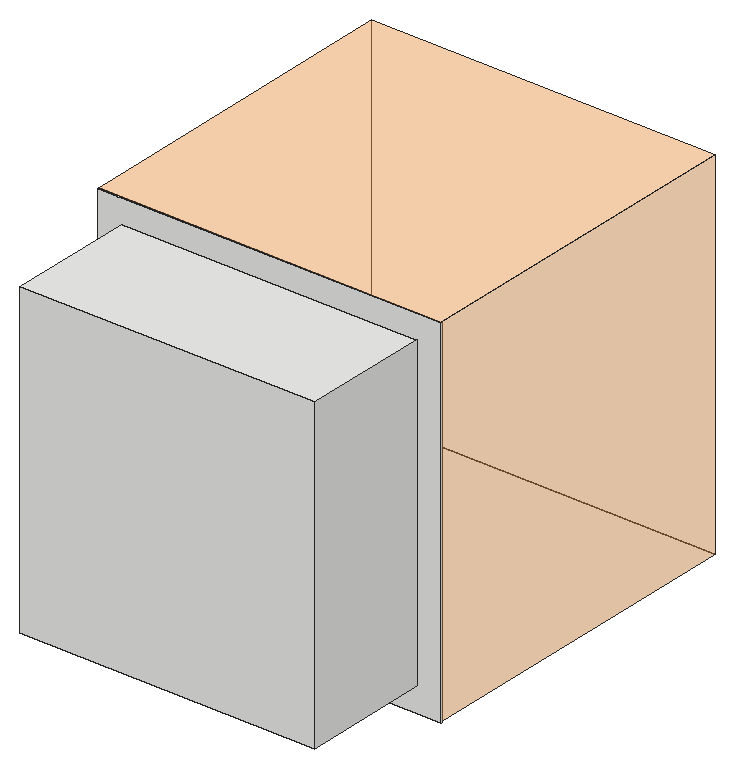
Revit family "IEK_R19_L2(2)_Шкаф_ЩРв_IP31_TITAN5_Встроенный", category Электрооборудование, Revit 2019
Family settings
  Размер круглого соединителя = Использовать диаметр
  Тип детали = Силовой щит
  На основе рабочей плоскости = Нет
  Всегда вертикально = Да
  При загрузке вырезать с полостями = Нет
  Общий = Нет
  Точка расчета площади = Да
Parameters
  УГО_Реальный размер [instance] = no
  УГО_Переключить цвет [instance] = no
  УГО_Масштаб [instance] = 1
  УГО_Смещение по оси Y [instance] = 1000 mm
  УГО_Смещение по оси X [instance] = 1000 mm
  УГО [instance] = ▲GA_УГО_ЩР : ▲GA_УГО_ЩР
  Серия = ""
  built-in parameter 1140086 [instance] = "-"  # constant formula
  built-in parameter 1140087 [instance] = 2
  built-in parameter 1140079 [instance] = 12
  Лоток_Ширина снизу [instance] = 50 mm
  Лоток_Высота снизу [instance] = 50 mm
  Лоток_Высота сверху [instance] = 50 mm
  Лоток_Ширина сверху [instance] = 100 mm
  Лоток_Смещение влево [instance] = 155 mm
  лоток_Отступ от стены до нижней грани [instance] = Лоток_Отступ от стены + Лоток_Высота сверху / 2  # 35 mm
  Лоток_Отступ от стены [instance] = 10 mm
  Инженерная_сеть = no
  Panel Name [instance] = "1Щ?1"
  Зона обслуживания [instance] = yes
  Группировать в спецификации = 1 = 0  # no
  mS_Номер питающей цепи [instance] = ""
  mS_Номер отходящей цепи [instance] = ""
  mS_Координация оборудования = 0  # constant formula
  mS_Категория оборудования [instance] = if(УГО_Переключить цвет, 0, 2)  # 2
  mS_Guid = "821c7fcf-6e20-4866-bf76-5fe537ee1ddb"  # constant formula
  mS_GA_Оборудование 4 тип [instance] = not(УГО_Переключить цвет)  # yes
  mS_GA_Оборудование 3 тип [instance] = 1 = 0  # no
  mS_GA_Оборудование 2 тип [instance] = УГО_Переключить цвет  # no
  mS_GA_Оборудование 1 тип [instance] = 1 = 0  # no
  mS_GA_Оборудование [instance] = 1 = 0  # no
  ADSK_Этаж [instance] = ""
  ADSK_Размер_Ширина = 350 mm
  ADSK_Размер_Глубина = 130 mm
  ADSK_Размер_Высота = 365 mm
  ADSK_Примечание [instance] = ""
  ADSK_Позиция = ""
  ADSK_Обозначение = "ЩРв"
  ADSK_Номер секции [instance] = ""
  ADSK_Номер здания [instance] = ""
  ADSK_Напряжение [instance] = 400 V
  ADSK_Наименование краткое = ""
  ADSK_Наименование = "Щит распределительный встроенной установки IP31"
  ADSK_Назначение вида [instance] = ""
  ADSK_Материал [instance] = BI_Краска белая
  ADSK_Масса_Текст = ""
  ADSK_Масса = 0
  ADSK_Марка = ADSK_Обозначение  # "ЩРв"
  ADSK_Комплект чертежей [instance] = ADSK_Комплект  # "ЭОМ"
  ADSK_Комплект [instance] = "ЭОМ"
  ADSK_Количество фаз [instance] = 3
  ADSK_Количество = 1  # constant formula
  ADSK_Код изделия = ""
  ADSK_Зона [instance] = ""
  ADSK_Завод-изготовитель = "IEK"
  ADSK_Единица измерения = "шт"
  ADSK_Группирование = "Продукция НКУ"
  ADSK_Версия семейства = "v1.1 2023-03-20"  # constant formula
  ADSK_Версия Revit = "2019"  # constant formula
  ADSK_URL страницы изделия = ""
  ADSK_URL документации изделия = ""
Reference planes
  plane 1 "Вперед new": y = 0
  plane 2 "Вверх": z = 0
  plane 3 "По центру (Влево/Вправо)": x = 0
  plane 4 "УГО_Смещение по оси Y": x = -1000
  plane 5 "УГО_Смещение по оси X": y = -900
  plane 6 "Центр по высоте": z = -182.5
  plane 7 "Вперед": y = 85
  plane 8 "По правому краю": x = -175
  plane 9 "По левому краю": x = 175
  plane 10 "Низ панели": z = -365
  plane 11 "Имя панели": y = -86.667
  plane 12 "Тип панели": y = -43.333
  plane 13 "Шрифт сверху": z = 1
  plane 14 "Плоскость для привязки оси лотка": x = -175
  plane 15 "Назад": y = -130
  plane 16 "Фасад": y = 1
  plane 17: x = 150
  plane 18: x = -150
  plane 19: z = -24
  plane 20: z = -340
Forms (mm)
  Extrusion 1, solid, material "BI_Краска белая" <- "ADSK_Материал", detail levels coarse
    sketch origin (-150, 0, 0) x (0, 0, -1) y (1, 0, 0)
      loop
        line (0, -25) -> (365, -25) -> (365, 325) -> (0, 325) -> (0, -25)
    from 130 to 0
  Extrusion 2, solid, material "BI_Краска белая" <- "ADSK_Материал", detail levels medium+fine
    sketch origin (0, -422.934, -182.5) x (1, 0, 0) y (0, -1, 0)
      loop
        line (-175, -423.934) -> (175, -423.934) -> (175, -422.934) -> (-175, -422.934) -> (-175, -423.934)
    from -182.5 to 182.5
  Extrusion 3, solid, material "BI_Краска белая" <- "ADSK_Материал", detail levels medium+fine
    sketch origin (0, -422.934, -182.5) x (1, 0, 0) y (0, -1, 0)
      loop
        line (-150, -422.934) -> (150, -422.934) -> (150, -292.934) -> (-150, -292.934) -> (-150, -422.934)
    from -158.5 to 157.5
Cuts and joins
  joined: Extrusion 2, Extrusion 3
Lines and regions (mm)
  reference lines
    curve 1: line (0, 200, 0) -> (0, 100, 0)
    curve 2: line (-50, 100, 0) -> (50, 100, 0)
    curve 3: line (-175, -35, -182.5) -> (175, -35, -182.5)
    curve 4: line (-20, -35, -365) -> (-20, -35, 0)
  symbolic lines
    curve 5: line (-175, 0, 0) -> (175, 0, 0)
    curve 6: line (-175, 0, -365) -> (-175, 0, 0)
    curve 7: line (175, 0, -365) -> (-175, 0, -365)
    curve 8: line (175, 0, 0) -> (175, 0, -365)
    curve 9: line (0, 0, 0) -> (0, 85, 0)
    curve 10: line (0, 0, -365) -> (0, 0, 0)
    curve 11: line (0, 85, -365) -> (0, 0, -365)
    curve 12: line (0, 85, 0) -> (0, 85, -365)
  symbolic lines, detail levels medium+fine
    curve 13: line (-175, 0, -182.5) -> (175, 0, -182.5)
    curve 14: line (-175, -130, -182.5) -> (-175, 0, -182.5)
    curve 15: line (175, -130, -182.5) -> (-175, -130, -182.5)
    curve 16: line (175, 0, -182.5) -> (175, -130, -182.5)
Dimensions and locks
  equal spacing: plane 8 "По правому краю", plane 3 "По центру (Влево/Вправо)", plane 9 "По левому краю"
  "ADSK_Размер_Ширина": plane 8 "По правому краю" to plane 9 "По левому краю"
  equal spacing: plane 10 "Низ панели", plane 6 "Центр по высоте", level
  "ADSK_Размер_Высота": plane 10 "Низ панели" to level
  equal spacing: curve 2, curve 1, curve 2
  locked: curve 1 to curve 1 at 100
  "УГО_Смещение по оси X": plane 4 "УГО_Смещение по оси Y" to curve 1
  "УГО_Смещение по оси Y": plane 5 "УГО_Смещение по оси X" to curve 2
  locked: plane 2 "Вверх" to plane 13 "Шрифт сверху" at 1
  "Лоток_Смещение влево": plane 14 "Плоскость для привязки оси лотка" to curve 4
  curve 2 to curve 2 = 100 mm
  "ADSK_Размер_Глубина": plane 1 "Вперед new" to plane 15 "Назад"
  equal spacing: plane 1 "Вперед new", plane 12 "Тип панели", plane 11 "Имя панели", plane 15 "Назад"
  "лоток_Отступ от стены до нижней грани": curve 3 to plane 1 "Вперед new"
  locked: plane 1 "Вперед new" to plane 16 "Фасад" at 1
  locked: plane 17 to plane 9 "По левому краю" at 25
  locked: plane 14 "Плоскость для привязки оси лотка" to plane 18 at 25
  locked: plane 13 "Шрифт сверху" to plane 19 at 25
  locked: plane 20 to plane 10 "Низ панели" at 25
  aligned and locked: level to plane 2 "Вверх"
  aligned and locked: level to Extrusion 1
  aligned and locked: Extrusion 1 to plane 10 "Низ панели"
  aligned and locked: plane 10 "Низ панели" to Extrusion 1
  aligned and locked: nested 1 to plane 8 "По правому краю"
  aligned and locked: plane 9 "По левому краю" to nested 1
  aligned and locked: plane 3 "По центру (Влево/Вправо)" to nested 2
  aligned and locked: plane 6 "Центр по высоте" to nested 2
  aligned and locked: curve 2 to curve 1
  aligned and locked: curve 2 to nested 3
  aligned and locked: nested 3 to curve 1
  aligned and locked: text3d elem to plane 3 "По центру (Влево/Вправо)"
  aligned and locked: text3d elem to plane 12 "Тип панели"
  aligned and locked: text3d elem to plane 11 "Имя панели"
  aligned and locked: plane 8 "По правому краю" to curve 3
  aligned and locked: plane 9 "По левому краю" to curve 3
  aligned and locked: plane 10 "Низ панели" to curve 4
  aligned and locked: plane 8 "По правому краю" to plane 14 "Плоскость для привязки оси лотка"
  aligned and locked: nested 4 to curve 2
  aligned and locked: nested 4 to curve 1
  aligned and locked: plane 2 "Вверх" to curve 4
  aligned and locked: curve 6 to nested 1
  aligned and locked: curve 7 to nested 1
  aligned and locked: curve 8 to nested 1
  aligned and locked: curve 5 to plane 2 "Вверх"
  aligned and locked: level to curve 9
  aligned and locked: curve 10 to plane 1 "Вперед new"
  aligned and locked: plane 10 "Низ панели" to curve 11
  aligned and locked: plane 7 "Вперед" to curve 12
  aligned and locked: curve 14 to plane 8 "По правому краю"
  aligned and locked: curve 16 to plane 9 "По левому краю"
  aligned and locked: plane 1 "Вперед new" to curve 13
  aligned and locked: plane 15 "Назад" to curve 15
  aligned and locked: Extrusion 1 to curve 14
  aligned and locked: Extrusion 1 to plane 1 "Вперед new"
  aligned and locked: nested 1 to Extrusion 1
  aligned and locked: Extrusion 2 sketch curve to plane 16 "Фасад"
  aligned and locked: plane 1 "Вперед new" to Extrusion 2 sketch curve
  aligned and locked: Extrusion 2 to plane 8 "По правому краю"
  aligned and locked: Extrusion 2 to plane 9 "По левому краю"
  aligned and locked: Extrusion 2 to plane 10 "Низ панели"
  aligned and locked: Extrusion 2 to level
  aligned and locked: Extrusion 3 sketch curve to plane 1 "Вперед new"
  aligned and locked: Extrusion 3 sketch curve to plane 18
  aligned and locked: Extrusion 3 sketch curve to plane 15 "Назад"
  aligned and locked: plane 17 to Extrusion 3 sketch curve
  aligned and locked: Extrusion 3 to plane 19
  aligned and locked: Extrusion 3 to plane 20
Automatic sketch dimensions
  Extrusion 1 sketch curve to level = 0 mm
  Extrusion 1 sketch curve to plane 8 "По правому краю" = 0 mm
  Extrusion 1 sketch curve to plane 10 "Низ панели" = 0 mm
  plane 9 "По левому краю" to Extrusion 1 sketch curve = 0 mm
  Extrusion 2 sketch curve to plane 8 "По правому краю" = 0 mm
  Extrusion 2 sketch curve to plane 9 "По левому краю" = 0 mm
Nested families
  nested 1: "▲GM_Зона обслуживания" at (175, 0, -365) x (-1, 0, 0) z (0, 0, 1), Высота <- "ADSK_Размер_Высота", visible <- "Зона обслуживания", Ширина <- "ADSK_Размер_Ширина", ADSK_Примечание <- "ADSK_Примечание", ADSK_Комплект <- "ADSK_Комплект", ADSK_Комплект чертежей <- "ADSK_Комплект чертежей", ADSK_Назначение вида <- "ADSK_Назначение вида", ADSK_Номер здания <- "ADSK_Номер здания", ADSK_Номер секции <- "ADSK_Номер секции", ADSK_Этаж <- "ADSK_Этаж", ADSK_Зона <- "ADSK_Зона", type "Тип", detail levels medium+fine
    with Ширина 350 mm, Длина 350 mm, Высота 365 mm, ADSK_Этаж "", ADSK_Примечание "", ADSK_Номер секции "", ADSK_Номер здания "", ADSK_Назначение вида "", ADSK_Комплект чертежей "ЭОМ", ADSK_Комплект "ЭОМ", ADSK_Зона ""
  nested 2: "▲EN_Знак электрическое напряжение" at (0, 1, -182.5) x (1, 0, 0) z (0, -1, 0), ADSK_Примечание <- "ADSK_Примечание", ADSK_Комплект <- "ADSK_Комплект", ADSK_Комплект чертежей <- "ADSK_Комплект чертежей", ADSK_Назначение вида <- "ADSK_Назначение вида", ADSK_Номер здания <- "ADSK_Номер здания", ADSK_Номер секции <- "ADSK_Номер секции", ADSK_Этаж <- "ADSK_Этаж", ADSK_Зона <- "ADSK_Зона", type "Тип", detail levels fine
  nested 3: "▲GA_УГО_ЩР" at (0, 100, 0), type <- "УГО", УГО_Масштаб <- "УГО_Масштаб", УГО_Реальный размер <- "УГО_Реальный размер", ADSK_Размер_Длина <- "ADSK_Размер_Ширина", ADSK_Размер_Ширина <- "ADSK_Размер_Глубина", mS_GA_Оборудование <- "mS_GA_Оборудование", mS_GA_Оборудование 1 тип <- "mS_GA_Оборудование 1 тип", mS_GA_Оборудование 2 тип <- "mS_GA_Оборудование 2 тип", mS_GA_Оборудование 3 тип <- "mS_GA_Оборудование 3 тип", mS_GA_Оборудование 4 тип <- "mS_GA_Оборудование 4 тип", ADSK_Примечание <- "ADSK_Примечание", ADSK_Комплект <- "ADSK_Комплект", ADSK_Комплект чертежей <- "ADSK_Комплект чертежей", ADSK_Назначение вида <- "ADSK_Назначение вида", ADSK_Номер здания <- "ADSK_Номер здания", ADSK_Номер секции <- "ADSK_Номер секции", ADSK_Этаж <- "ADSK_Этаж", ADSK_Зона <- "ADSK_Зона", type "▲GA_УГО_ЩР", detail levels coarse+medium
    with формула_Ширина 2.5 mm, формула_Длина 5 mm, размер_Ширина 2.5 mm, размер_Длина 5 mm, оборудование_Ошибка УГО no, оборудование 4 тип yes, оборудование 3 тип no, оборудование 2 тип no, оборудование 1 тип no, оборудование no, УГО_Реальный размер no, УГО_Метка "А/М", УГО_Масштаб 1, mS_Метка_2,5_мм_Пользователя_Черная yes, mS_Метка_2,5_мм_Пользователя_Красная no, mS_Метка_2,0_мм_Пользователя_Черная no, mS_Метка_1,8_мм_Пользователя_Черная no, mS_Метка_1,5_мм_Пользователя_Черная no, mS_GA_Оборудование 4 тип yes, mS_GA_Оборудование 3 тип no, mS_GA_Оборудование 2 тип no, mS_GA_Оборудование 1 тип no, mS_GA_Оборудование no, ADSK_Этаж "", ADSK_Размер_Ширина 130 mm, ADSK_Размер_Длина 350 mm, ADSK_Примечание "", ADSK_Номер секции "", ADSK_Номер здания "", ADSK_Назначение вида "", ADSK_Комплект чертежей "ЭОМ", ADSK_Комплект "ЭОМ", ADSK_Зона ""
  nested 4: "▲EE_Форма_2D" at (-271.062, 100, 0), ADSK_Размер_Длина <- "ADSK_Размер_Ширина", ADSK_Размер_Ширина <- "ADSK_Размер_Глубина", УГО_Масштаб <- "УГО_Масштаб", УГО_Реальный размер <- "УГО_Реальный размер", ADSK_Примечание <- "ADSK_Примечание", ADSK_Комплект <- "ADSK_Комплект", ADSK_Комплект чертежей <- "ADSK_Комплект чертежей", ADSK_Назначение вида <- "ADSK_Назначение вида", ADSK_Номер здания <- "ADSK_Номер здания", ADSK_Номер секции <- "ADSK_Номер секции", ADSK_Этаж <- "ADSK_Этаж", ADSK_Зона <- "ADSK_Зона", type "▲EE_Форма_2D", detail levels coarse+medium
    with ширина 250 mm, формула_ширина 250 mm, формула_длина 500 mm, длина 500 mm, УГО_Реальный размер no, УГО_Масштаб 1, ADSK_Этаж "", ADSK_Размер_Ширина 130 mm, ADSK_Размер_Длина 350 mm, ADSK_Примечание "", ADSK_Номер секции "", ADSK_Номер здания "", ADSK_Назначение вида "", ADSK_Комплект чертежей "ЭОМ", ADSK_Комплект "ЭОМ", ADSK_Зона ""
Connectors
  electrical at (0, -130, 0), driven by "Инженерная_сеть", driven by "ADSK_Количество фаз", driven by "ADSK_Напряжение"
    settings: index 1, voltage 400 V, apparent load 0 kVA, apparent load phase1 0 kVA, apparent load phase2 0 kVA, apparent load phase3 0 kVA, power factor 1, load classification "Прочее", number of poles 3, system type 30, power factor state 1, is connector primary yes, connector utility no, sub classification motor no, connector description ""
  cabletrayconduit at (-20, -35, 0), diameter 600, driven by "Лоток_Высота сверху", driven by "Лоток_Ширина сверху"
    settings: on curve 4, index 2, connector width 100 mm, connector height 50 mm, connector angle 0.00°, system type 32, placement type 0, profile type 1, connector reference index -1, is primary connector yes, connector utility param no, connector description "Ввод лотка в щит сверху"
  cabletrayconduit at (-20, -35, -365), diameter 600, driven by "Лоток_Высота снизу", driven by "Лоток_Ширина снизу"
    settings: on curve 4, index 3, connector width 50 mm, connector height 50 mm, connector angle 0.00°, system type 32, placement type 0, profile type 1, connector reference index -1, is primary connector no, connector utility param no, connector description "Ввод лотка в щит снизу"
  cabletrayconduit at (0, -65, 0), diameter 600
    settings: on Extrusion 1, index 4, connector width 300 mm, connector height 300 mm, connector angle 0.00°, system type 32, placement type 1, profile type 0, connector reference index -1, is primary connector no, connector utility param no, connector description "Ввод короба в щит сверху"
  cabletrayconduit at (0, -65, -365), diameter 600
    settings: on Extrusion 1, index 5, connector width 300 mm, connector height 300 mm, connector angle 0.00°, system type 32, placement type 1, profile type 0, connector reference index -1, is primary connector no, connector utility param no, connector description "Ввод короба в щит снизу"
Definition of nested family "▲GM_Зона обслуживания"
  Parameters (values of type "Тип")
    Ширина [instance] = 600 mm
    Default Elevation = 0 mm
    Description = "Зона обслуживания"
    Длина [instance] = 1200 mm
    Высота [instance] = 2000 mm
    mS_Guid = "adc6c888-f092-4c82-bbd7-b109d89989c6"  # constant formula
    ADSK_Этаж [instance] = ""
    ADSK_Примечание [instance] = ""
    ADSK_Номер секции [instance] = ""
    ADSK_Номер здания [instance] = ""
    ADSK_Наименование = "Неспецифицируемый"  # constant formula
    ADSK_Назначение вида [instance] = ""
    ADSK_Комплект чертежей [instance] = ""
    ADSK_Комплект [instance] = ""
    ADSK_Зона [instance] = ""
    ADSK_Версия семейства = "2022-12-26"  # constant formula
  Reference planes
    plane 1 "Назад": y = 0
    plane 2 "Вниз": z = 0
    plane 3 "По левому краю": x = 0
    plane 4 "Вперед": y = -600
    plane 5 "По правому краю": x = 1200
  Forms (mm)
    Extrusion 1, solid, detail levels fine
      sketch origin (0, 0, 0) x (1, 0, 0) y (0, 1, 0)
        loop
          line (0, -600) -> (1200, -600) -> (1200, 0) -> (0, 0) -> (0, -600)
      from 0 to 2000 <- "Высота"
  Lines and regions (mm)
    symbolic lines, detail levels fine
      curve 1: line (0, 0, 0) -> (1200, 0, 0)
      curve 2: line (0, -600, 0) -> (0, 0, 0)
      curve 3: line (1200, -600, 0) -> (0, -600, 0)
      curve 4: line (1200, 0, 0) -> (1200, -600, 0)
  Dimensions and locks
    "Длина": plane 3 "По левому краю" to plane 5 "По правому краю"
    "Ширина": plane 4 "Вперед" to plane 1 "Назад"
    aligned and locked: level to plane 2 "Вниз"
    aligned and locked: Extrusion 1 sketch curve to plane 4 "Вперед"
    aligned and locked: Extrusion 1 sketch curve to plane 3 "По левому краю"
    aligned and locked: Extrusion 1 sketch curve to plane 1 "Назад"
    aligned and locked: plane 5 "По правому краю" to Extrusion 1 sketch curve
    aligned and locked: plane 4 "Вперед" to curve 3
    aligned and locked: curve 4 to plane 5 "По правому краю"
  Automatic sketch dimensions
    curve 3 to plane 3 "По левому краю" = 0 mm
    plane 1 "Назад" to curve 2 = 0 mm
Definition of nested family "▲EN_Знак электрическое напряжение"
  Parameters (values of type "Тип")
    Default Elevation = 0 mm
    Keynote = "Знак электрическое напряжение"
    Height = 0 mm
    mS_Категория оборудования [instance] = 0
    mS_Guid = "a9daff8e-f103-422e-bf93-7e22b4665eef"  # constant formula
    ADSK_Этаж [instance] = ""
    ADSK_Примечание [instance] = ""
    ADSK_Номер секции [instance] = ""
    ADSK_Номер здания [instance] = ""
    ADSK_Наименование = "Неспецифицируемый"  # constant formula
    ADSK_Назначение вида [instance] = ""
    ADSK_Комплект чертежей [instance] = "ЭОМ"
    ADSK_Комплект [instance] = "ЭОМ"
    ADSK_Зона [instance] = ""
    ADSK_Версия семейства = "2022-12-26"  # constant formula
  Reference planes
    plane 1 "По центру (Вперед/Назад)": y = 0
    plane 2: z = 0
    plane 3 "По центру (Влево/Вправо)": x = 0
  Forms (mm)
    Extrusion 1, solid, detail levels fine
      sketch origin (43.524, -81.118, -0.4) x (1, 0, 0) y (0, 1, 0)
        loop
          line (-42.029, 91.643) -> (-45.329, 91.643) -> (-48.476, 80.271) -> (-43.758, 82.886) -> (-44.754, 75.331) -> (-45.782, 76.557) -> (-44.948, 71.829) -> (-42.097, 76.058) -> (-43.506, 75.107) -> (-40.607, 85.925) -> (-45.803, 82.925) -> (-42.029, 91.643)
        loop
          line (-60.524, 69.528) -> (-26.524, 69.528) -> (-43.524, 98.328) -> (-60.524, 69.528)
        loop
          line (-64.728, 67.128) -> (-22.321, 67.128) -> (-43.524, 103.05) -> (-64.728, 67.128)
      from 0 to 0.8
    Extrusion 2, solid, detail levels fine
      sketch origin (0.029, 0, -0.2) x (1, 0, 0) y (0, 1, 0)
        loop
          line (0, 23.899) -> (-22.955, -14.99) -> (22.955, -14.99) -> (0, 23.899)
      from 0 to 0.4
Definition of nested family "▲GA_УГО_ЩР"
  Parameters (values of type "▲GA_УГО_ЩР")
    формула_Ширина [instance] = if(УГО_Реальный размер, ADSK_Размер_Ширина * 0.01, 2.5 mm) * УГО_Масштаб  # 2.5 mm
    размер_Ширина [instance] = if(формула_Ширина < 1.5 mm, 1.5 mm, формула_Ширина)  # 2.5 mm
    оборудование_Ошибка УГО [instance] = and(not(оборудование), not(оборудование 1 тип), not(оборудование 2 тип), not(оборудование 3 тип), not(оборудование 4 тип))  # no
    оборудование 4 тип [instance] = and(mS_GA_Оборудование 4 тип, not(mS_GA_Оборудование), not(mS_GA_Оборудование 1 тип), not(mS_GA_Оборудование 2 тип), not(mS_GA_Оборудование 3 тип))  # no
    оборудование 3 тип [instance] = and(mS_GA_Оборудование 3 тип, not(mS_GA_Оборудование), not(mS_GA_Оборудование 1 тип), not(mS_GA_Оборудование 2 тип), not(mS_GA_Оборудование 4 тип))  # no
    оборудование 2 тип [instance] = and(mS_GA_Оборудование 2 тип, not(mS_GA_Оборудование), not(mS_GA_Оборудование 1 тип), not(mS_GA_Оборудование 3 тип), not(mS_GA_Оборудование 4 тип))  # no
    оборудование 1 тип [instance] = and(mS_GA_Оборудование 1 тип, not(mS_GA_Оборудование), not(mS_GA_Оборудование 2 тип), not(mS_GA_Оборудование 3 тип), not(mS_GA_Оборудование 4 тип))  # no
    оборудование [instance] = and(mS_GA_Оборудование, not(mS_GA_Оборудование 1 тип), not(mS_GA_Оборудование 2 тип), not(mS_GA_Оборудование 3 тип), not(mS_GA_Оборудование 4 тип))  # yes
    формула_Длина [instance] = if(УГО_Реальный размер, ADSK_Размер_Длина * 0.01, 5 mm) * УГО_Масштаб  # 5 mm
    размер_Длина [instance] = if(формула_Длина < 1.5 mm, 1.5 mm, формула_Длина)  # 5 mm
    УГО_Реальный размер [instance] = no
    УГО_Метка [instance] = "А/М"
    УГО_Масштаб [instance] = 1
    mS_Метка_2,5_мм_Пользователя_Черная [instance] = yes
    mS_Метка_2,5_мм_Пользователя_Красная [instance] = no
    mS_Метка_2,0_мм_Пользователя_Черная [instance] = no
    mS_Метка_1,8_мм_Пользователя_Черная [instance] = no
    mS_Метка_1,5_мм_Пользователя_Черная [instance] = no
    mS_Guid = "13bacebf-5c29-46b4-a5e3-bb90fb2e1bbe"  # constant formula
    mS_GA_Оборудование 4 тип [instance] = no
    mS_GA_Оборудование 3 тип [instance] = no
    mS_GA_Оборудование 2 тип [instance] = no
    mS_GA_Оборудование 1 тип [instance] = no
    mS_GA_Оборудование [instance] = yes
    ADSK_Этаж [instance] = ""
    ADSK_Размер_Ширина [instance] = 251 mm
    ADSK_Размер_Длина [instance] = 501 mm
    ADSK_Примечание [instance] = ""
    ADSK_Номер секции [instance] = ""
    ADSK_Номер здания [instance] = ""
    ADSK_Наименование = "Неспецифицируемый"  # constant formula
    ADSK_Назначение вида [instance] = ""
    ADSK_Комплект чертежей [instance] = ""
    ADSK_Комплект [instance] = ""
    ADSK_Зона [instance] = ""
    ADSK_Версия семейства = "2022-12-26"  # constant formula
  Reference planes
    plane 1 "Горизонтально": y = 0
    plane 2 "Вертикально": x = 0
    plane 3 "Г1": y = 2.5
    plane 4 "В1": x = -2.5
    plane 5 "В2": x = 2.5
    plane 6 "Г3": y = 1.429
    plane 7 "Г4": y = 1.071
    plane 8 "Г2": y = 1.786
    plane 9 "Г5": y = 0.714
    plane 10 "Г6": y = 2.143
    plane 11 "Г7": y = 0.357
  Lines and regions (mm)
    Filled region 1, type "mS_FR_Оборудование 1 тип", visible <- "mS_GA_Оборудование 1 тип"
      outline origin (0, 0, 0) x (1, 0, 0) y (0, 1, 0)
        loop
          line (-2.5, 1.429) -> (-2.5, 0) -> (2.5, 0) -> (2.5, 1.429) -> (-2.5, 1.429)
    Filled region 2, type "mS_FR_Оборудование 2 тип", visible <- "mS_GA_Оборудование 2 тип"
      outline origin (0, 0, 0) x (1, 0, 0) y (0, 1, 0)
        loop
          line (-2.5, 1.429) -> (-2.5, 0) -> (2.5, 0) -> (2.5, 1.429) -> (-2.5, 1.429)
    Filled region 3, type "mS_FR_Оборудование 3 тип", visible <- "mS_GA_Оборудование 3 тип"
      outline origin (0, 0, 0) x (1, 0, 0) y (0, 1, 0)
        loop
          line (-2.5, 1.429) -> (-2.5, 0) -> (2.5, 0) -> (2.5, 1.429) -> (-2.5, 1.429)
    Filled region 4, type "mS_FR_Оборудование 4 тип", visible <- "mS_GA_Оборудование 4 тип"
      outline origin (0, 0, 0) x (1, 0, 0) y (0, 1, 0)
        loop
          line (-2.5, 1.429) -> (-2.5, 0) -> (2.5, 0) -> (2.5, 1.429) -> (-2.5, 1.429)
    Filled region 5, type "mS_FR_Оборудование", visible <- "mS_GA_Оборудование"
      outline origin (0, 0, 0) x (1, 0, 0) y (0, 1, 0)
        loop
          line (-2.5, 1.429) -> (-2.5, 0) -> (2.5, 0) -> (2.5, 1.429) -> (-2.5, 1.429)
    detail lines, visible <- "mS_GA_Оборудование 1 тип"
      curve 1: line (-2.5, 2.5, 0) -> (2.5, 2.5, 0)
      curve 2: line (-2.5, 0, 0) -> (-2.5, 2.5, 0)
      curve 3: line (2.5, 0, 0) -> (-2.5, 0, 0)
      curve 4: line (2.5, 2.5, 0) -> (2.5, 0, 0)
      curve 5: line (-2.5, 1.429, 0) -> (2.5, 1.429, 0)
    detail lines, visible <- "mS_GA_Оборудование 2 тип"
      curve 6: line (-2.5, 2.5, 0) -> (2.5, 2.5, 0)
      curve 7: line (-2.5, 0, 0) -> (-2.5, 2.5, 0)
      curve 8: line (2.5, 0, 0) -> (-2.5, 0, 0)
      curve 9: line (2.5, 2.5, 0) -> (2.5, 0, 0)
      curve 10: line (-2.5, 1.429, 0) -> (2.5, 1.429, 0)
    detail lines, visible <- "mS_GA_Оборудование 3 тип"
      curve 11: line (-2.5, 2.5, 0) -> (2.5, 2.5, 0)
      curve 12: line (-2.5, 0, 0) -> (-2.5, 2.5, 0)
      curve 13: line (2.5, 0, 0) -> (-2.5, 0, 0)
      curve 14: line (2.5, 2.5, 0) -> (2.5, 0, 0)
      curve 15: line (-2.5, 1.429, 0) -> (2.5, 1.429, 0)
    detail lines, visible <- "mS_GA_Оборудование 4 тип"
      curve 16: line (-2.5, 2.5, 0) -> (2.5, 2.5, 0)
      curve 17: line (-2.5, 0, 0) -> (-2.5, 2.5, 0)
      curve 18: line (2.5, 0, 0) -> (-2.5, 0, 0)
      curve 19: line (2.5, 2.5, 0) -> (2.5, 0, 0)
      curve 20: line (-2.5, 1.429, 0) -> (2.5, 1.429, 0)
    detail lines, visible <- "mS_GA_Оборудование"
      curve 21: line (-2.5, 2.5, 0) -> (2.5, 2.5, 0)
      curve 22: line (-2.5, 0, 0) -> (-2.5, 2.5, 0)
      curve 23: line (2.5, 0, 0) -> (-2.5, 0, 0)
      curve 24: line (2.5, 2.5, 0) -> (2.5, 0, 0)
      curve 25: line (-2.5, 1.429, 0) -> (2.5, 1.429, 0)
  Text (mm)
    text "Ошибка УГО" at (-0.014, 0, 0), visible <- "оборудование_Ошибка УГО"
  Dimensions and locks
    equal spacing: plane 4 "В1", plane 2 "Вертикально", plane 5 "В2"
    "размер_Длина": plane 4 "В1" to plane 5 "В2"
    "размер_Ширина": plane 1 "Горизонтально" to plane 3 "Г1"
    equal spacing: plane 1 "Горизонтально", plane 11 "Г7", plane 9 "Г5", plane 7 "Г4", plane 6 "Г3", plane 8 "Г2", plane 10 "Г6", plane 3 "Г1"
  Automatic sketch dimensions
    plane 3 "Г1" to curve 1 = 0 mm
    curve 1 to plane 4 "В1" = 0 mm
    plane 1 "Горизонтально" to curve 13 = 0 mm
    curve 13 to plane 5 "В2" = 0 mm
    plane 6 "Г3" to curve 10 = 0 mm
    plane 6 "Г3" to curve 20 = 0 mm
    plane 6 "Г3" to curve 5 = 0 mm
    plane 6 "Г3" to curve 25 = 0 mm
    plane 6 "Г3" to curve 15 = 0 mm
    plane 1 "Горизонтально" to Filled region 1 sketch curve = 0 mm
    Filled region 1 sketch curve to plane 4 "В1" = 0 mm
    Filled region 1 sketch curve to plane 5 "В2" = 0 mm
    plane 6 "Г3" to Filled region 1 sketch curve = 0 mm
    plane 1 "Горизонтально" to Filled region 2 sketch curve = 0 mm
    Filled region 2 sketch curve to plane 4 "В1" = 0 mm
    Filled region 2 sketch curve to plane 5 "В2" = 0 mm
    plane 6 "Г3" to Filled region 2 sketch curve = 0 mm
    plane 1 "Горизонтально" to Filled region 3 sketch curve = 0 mm
    Filled region 3 sketch curve to plane 4 "В1" = 0 mm
    Filled region 3 sketch curve to plane 5 "В2" = 0 mm
    plane 6 "Г3" to Filled region 3 sketch curve = 0 mm
    plane 1 "Горизонтально" to Filled region 4 sketch curve = 0 mm
    Filled region 4 sketch curve to plane 4 "В1" = 0 mm
    Filled region 4 sketch curve to plane 5 "В2" = 0 mm
    plane 6 "Г3" to Filled region 4 sketch curve = 0 mm
    plane 1 "Горизонтально" to Filled region 5 sketch curve = 0 mm
    Filled region 5 sketch curve to plane 4 "В1" = 0 mm
    Filled region 5 sketch curve to plane 5 "В2" = 0 mm
    plane 6 "Г3" to Filled region 5 sketch curve = 0 mm
Definition of nested family "▲EE_Форма_2D"
  Parameters (values of type "▲EE_Форма_2D")
    ширина [instance] = if(формула_ширина < 160 mm, 160 mm, формула_ширина)  # 250 mm
    формула_ширина [instance] = if(УГО_Реальный размер, ADSK_Размер_Ширина * УГО_Масштаб, 250 mm * УГО_Масштаб)  # 250 mm
    формула_длина [instance] = if(УГО_Реальный размер, ADSK_Размер_Длина * УГО_Масштаб, 500 mm * УГО_Масштаб)  # 500 mm
    длина [instance] = if(формула_длина < 160 mm, 160 mm, формула_длина)  # 500 mm
    УГО_Реальный размер [instance] = no
    УГО_Масштаб [instance] = 1
    Type Comments = ""
    mS_Guid = "6e4488ed-7f24-4004-ae76-ac2b68b2763b"  # constant formula
    ADSK_Этаж [instance] = ""
    ADSK_Размер_Ширина [instance] = 251 mm
    ADSK_Размер_Длина [instance] = 501 mm
    ADSK_Примечание [instance] = ""
    ADSK_Номер секции [instance] = ""
    ADSK_Номер здания [instance] = ""
    ADSK_Наименование = "Неспецифицируемый"  # constant formula
    ADSK_Назначение вида [instance] = ""
    ADSK_Комплект чертежей [instance] = ""
    ADSK_Комплект [instance] = ""
    ADSK_Зона [instance] = ""
    ADSK_Версия семейства = "2022-12-26"  # constant formula
  Reference planes
    plane 1 "Центрирование (Вперед/Назад)": y = 0
    plane 2: z = 0
    plane 3 "Центрирование (Влево/Вправо)": x = 271.062
    plane 4: x = 21.062
    plane 5: x = 521.062
    plane 6: y = 250
  Lines and regions (mm)
    model lines, detail levels coarse+medium
      curve 1: line (21.062, 250, 0) -> (521.062, 250, 0)
      curve 2: line (21.062, 0, 0) -> (21.062, 250, 0)
      curve 3: line (521.062, 0, 0) -> (21.062, 0, 0)
      curve 4: line (521.062, 250, 0) -> (521.062, 0, 0)
  Dimensions and locks
    "длина": plane 4 to plane 5
    "ширина": plane 6 to plane 1 "Центрирование (Вперед/Назад)"
    equal spacing: plane 4, plane 3 "Центрирование (Влево/Вправо)", plane 5
    aligned and locked: level to plane 2
    aligned and locked: curve 1 to plane 6
    aligned and locked: plane 4 to curve 2
    aligned and locked: curve 3 to plane 1 "Центрирование (Вперед/Назад)"
    aligned and locked: curve 4 to plane 5
  Automatic sketch dimensions
    curve 2 to plane 6 = 0 mm
    curve 3 to plane 4 = 0 mm
    curve 3 to plane 5 = 0 mm
